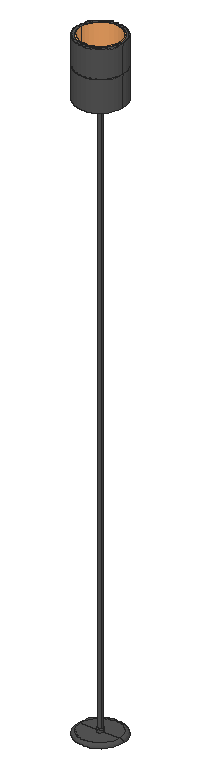
Revit family "MELO CYLINDER PENDANT LIGHT", category Lighting Fixtures, host Face, Revit 2020 (continued)
Types (16): name | Wattage_Input | Wattage Comments | Wattage | Voltage_Input | Size 08 | Size 06 | Size 04 | Selectable Wattage | Photometric Web File | Pendent Rod Length_1 | Pendent | Order number | built-in parameter 1150142 | Model | built-in parameter 1150105 | Lumens | built-in parameter 1150106 | Fixture Diameter | Canopy for Surface Mount J-box | Canopy for Recessed J-Box | Canopy Height | C2 H | C1 H | BEAMING ANGLE
     6.67 6.65\r\n2956.60 2940.86 2933.58 2924.85 2909.77 2891.32 2871.63 2846.45 2809.26 2766.79 2726.27 2687.34 2649.10 2608.51 2566.62 2523.74 2482.26 2438.83 2390.39 2335.68 2270.15 2197.84 2120.13 2038.76 1952.68 1860.20 1761.10 1656.44 1546.68 1423.51 1261.45 1062.26\r\n 855.10 671.31 504.27 382.27 310.08 238.31 202.59 178.09 156.85 140.66 125.53 108.69 89.75 75.88 69.63 67.80 66.22 64.74 63.23 61.65 59.78 57.66 55.57 53.31 51.05 48.78 46.46 44.10 41.77 39.42 37.13 34.85 32.56 30.31 28.12 25.97 23.85 21.77 19.72 17.73 \r\n15.79 13.93 12.10 10.31 8.61 6.93 5.36 3.92 2.70 1.78 1.18 1.24 1.42 1.43 1.15 0.42 0.22 0.13 0.14 0.15 0.15 0.16 0.16 0.18 0.10 0.10 0.10 0.10 0.10 0.11 0.11 0.12 0.12 0.13 0.14 0.33 0.44 0.27 0.17 0.18 0.19 0.20 0.21 0.21 0.22 0.23 0.25 0.25 0.27 0.28 \r\n0.29 0.31 0.33 0.36 0.40 0.43 0.50 0.57 0.66 0.76 0.87 0.99 1.12 1.26 1.41 1.57 1.72 1.88 2.05 2.22 2.39 2.57 2.73 2.91 3.07 3.24 3.39 3.56 3.72 3.88 4.04 4.19 4.36 4.52 4.68 4.84 5.00 5.16 5.32 5.50 5.65 5.79 5.92 6.03 6.14 6.24 6.31 6.38 6.43 6.48 6.51 \r\n6.54 6.57 6.61 6.64 6.67 6.68 6.68 6.65\r\n2956.60 2934.75 2927.76 2914.98 2895.36 2876.20 2852.29 2817.28 2775.57 2736.35 2700.43 2664.33 2627.15 2588.43 2545.46 2503.99 2463.97 2417.48 2363.83 2301.44 2231.77 2156.67 2073.82 1987.79 1897.69 1800.82 1696.48 1581.82 1461.82 1299.33 1106.28 896.25 \r\n702.61 528.77 390.03 298.95 241.26 205.96 180.42 161.91 146.19 130.49 113.00 89.47 75.84 69.38 67.36 65.52 63.96 62.50 61.02 59.56 57.75 55.76 53.64 51.51 49.28 47.07 44.81 42.53 40.26 37.99 35.76 33.55 31.35 29.18 27.04 24.96 22.91 20.90 18.89 17.00 \r\n15.11 13.27 11.44 9.75 8.08 6.51 4.96 3.55 2.34 1.34 0.91 0.95 1.06 0.92 0.47 0.31 0.25 0.18 0.17 0.16 0.15 0.14 0.13 0.12 0.11 0.13 0.16 0.18 0.21 0.23 0.26 0.28 0.31 0.33 0.36 0.38 0.39 0.29 0.28 0.26 0.25 0.24 0.22 0.24 0.27 0.29 0.29 0.29 0.30 0.33 \r\n0.37 0.37 0.38 0.40 0.44 0.45 0.51 0.61 0.72 0.84 0.95 1.07 1.19 1.34 1.49 1.64 1.79 1.95 2.15 2.30 2.46 2.64 2.81 2.97 3.14 3.30 3.45 3.63 3.78 3.95 4.09 4.24 4.41 4.56 4.71 4.87 5.07 5.22 5.39 5.52 5.69 5.80 5.91 6.04 6.13 6.19 6.28 6.35 6.41 6.44 6.48 \r\n6.50 6.54 6.58 6.59 6.62 6.66 6.66 6.65\r\n2956.60 2932.45 2924.20 2910.13 2890.90 2870.49 2839.79 2800.86 2762.71 2725.60 2690.64 2656.64 2621.25 2585.64 2543.80 2504.13 2463.22 2416.82 2362.32 2298.81 2227.68 2151.26 2070.96 1985.24 1892.68 1785.29 1677.48 1551.07 1421.75 1234.81 1028.45 823.81 \r\n636.63 477.45 362.64 296.91 231.54 196.53 172.65 153.09 137.75 123.43 109.72 93.62 76.69 68.87 66.04 64.45 62.99 61.49 59.91 58.26 56.78 55.02 53.07 50.97 48.88 46.75 44.58 42.36 40.18 37.99 35.81 33.64 31.48 29.36 27.26 25.22 23.18 21.19 19.27 17.38 \r\n15.52 13.69 11.93 10.21 8.56 6.93 5.37 3.84 2.45 1.34 0.67 0.63 0.61 0.51 0.29 0.24 0.23 0.14 0.14 0.13 0.13 0.13 0.13 0.12 0.12 0.12 0.12 0.11 0.11 0.11 0.12 0.13 0.14 0.27 0.31 0.30 0.23 0.19 0.21 0.22 0.25 0.25 0.27 0.28 0.29 0.30 0.31 0.33 0.34 0.35 \r\n0.37 0.40 0.41 0.43 0.49 0.55 0.64 0.74 0.86 0.98 1.11 1.24 1.38 1.52 1.68 1.82 1.98 2.14 2.30 2.46 2.61 2.76 2.91 3.07 3.23 3.39 3.55 3.71 3.88 4.04 4.19 4.33 4.48 4.62 4.77 4.92 5.08 5.23 5.40 5.52 5.66 5.79 5.91 6.02 6.12 6.20 6.27 6.34 6.40 6.46 6.50 \r\n6.54 6.58 6.62 6.65 6.66 6.66 6.66 6.65\r\n2956.60 2928.61 2918.62 2903.11 2883.41 2858.54 2821.88 2783.53 2746.49 2712.26 2680.21 2647.61 2612.97 2576.16 2537.81 2499.23 2457.75 2409.46 2351.46 2287.70 2219.35 2145.39 2064.18 1973.77 1878.22 1769.55 1651.22 1524.68 1368.56 1165.53 956.79 753.51 \r\n575.34 432.84 331.65 261.91 219.77 188.22 167.75 151.18 134.65 120.72 106.30 89.50 74.47 67.34 65.48 63.93 62.49 61.05 59.53 57.98 56.39 54.61 52.79 50.79 48.75 46.70 44.62 42.48 40.35 38.23 36.12 34.01 31.89 29.81 27.78 25.73 23.77 21.81 19.86 18.00 \r\n16.12 14.31 12.43 10.55 8.70 6.89 5.21 3.64 2.27 1.18 0.50 0.40 0.40 0.35 0.30 0.27 0.22 0.20 0.17 0.11 0.12 0.14 0.15 0.17 0.18 0.20 0.22 0.23 0.25 0.26 0.28 0.29 0.28 0.25 0.24 0.24 0.23 0.22 0.22 0.21 0.21 0.20 0.22 0.23 0.24 0.25 0.26 0.28 0.29 0.29 \r\n0.32 0.37 0.39 0.45 0.53 0.59 0.67 0.76 0.87 0.97 1.11 1.27 1.41 1.54 1.67 1.82 1.97 2.12 2.27 2.43 2.59 2.76 2.93 3.11 3.27 3.43 3.58 3.74 3.90 4.04 4.19 4.32 4.47 4.62 4.78 4.93 5.08 5.22 5.37 5.48 5.61 5.76 5.82 5.91 6.04 6.10 6.21 6.25 6.35 6.37 6.42 \r\n6.50 6.50 6.56 6.58 6.64 6.65 6.65 6.65\r\n2956.60 2927.12 2916.02 2902.40 2883.18 2858.05 2821.09 2785.21 2750.92 2718.99 2687.27 2655.85 2623.58 2588.57 2550.88 2513.77 2474.12 2426.28 2370.93 2308.52 2239.98 2167.66 2089.97 2004.92 1908.23 1797.02 1679.83 1547.08 1394.31 1187.33 976.55 772.00 \r\n589.62 445.08 340.58 282.65 225.02 193.69 172.86 155.06 140.46 126.20 109.91 91.73 75.04 67.79 65.90 64.32 62.94 61.64 60.31 58.84 57.40 55.37 53.49 51.49 49.56 47.60 45.61 43.55 41.50 39.43 37.36 35.29 33.23 31.15 29.14 27.13 25.15 23.21 21.28 19.26 \r\n17.16 15.08 12.99 10.97 9.04 7.19 5.45 3.81 2.37 1.21 0.63 0.67 0.58 0.30 0.24 0.23 0.23 0.16 0.09 0.09 0.09 0.09 0.11 0.11 0.12 0.13 0.14 0.15 0.16 0.16 0.16 0.16 0.16 0.16 0.15 0.16 0.17 0.18 0.18 0.19 0.20 0.21 0.22 0.23 0.24 0.25 0.26 0.27 0.29 0.33 \r\n0.35 0.38 0.43 0.49 0.55 0.62 0.71 0.80 0.91 1.02 1.15 1.27 1.40 1.54 1.68 1.81 1.97 2.12 2.28 2.45 2.61 2.78 2.94 3.11 3.26 3.42 3.59 3.75 3.89 4.04 4.18 4.32 4.47 4.62 4.76 4.91 5.06 5.20 5.34 5.48 5.59 5.70 5.80 5.89 5.98 6.06 6.14 6.21 6.29 6.36 6.41 \r\n6.46 6.50 6.53 6.57 6.60 6.62 6.62 6.65\r\n2956.60 2924.42 2912.45 2898.26 2880.51 2856.17 2821.30 2786.43 2753.35 2722.74 2691.63 2660.98 2630.09 2595.76 2559.67 2523.82 2484.86 2438.58 2385.04 2325.46 2257.55 2185.23 2105.36 2016.95 1920.14 1812.33 1693.91 1563.64 1411.51 1206.18 996.09 789.58 \r\n607.46 461.34 354.30 281.09 237.19 204.04 181.11 161.10 145.05 129.03 112.83 93.22 76.38 68.61 66.39 64.95 63.66 62.29 60.99 59.54 57.99 55.97 54.09 52.19 50.28 48.41 46.45 44.46 42.45 40.42 38.42 36.39 34.37 32.35 30.37 28.40 26.40 24.33 22.14 20.03 \r\n17.82 15.67 13.46 11.40 9.36 7.43 5.57 3.83 2.34 1.28 1.02 1.34 1.22 0.55 0.29 0.27 0.27 0.21 0.13 0.12 0.10 0.09 0.09 0.09 0.09 0.09 0.09 0.09 0.09 0.09 0.09 0.09 0.09 0.12 0.12 0.14 0.15 0.15 0.16 0.16 0.16 0.17 0.17 0.19 0.21 0.21 0.21 0.23 0.24 0.28 \r\n0.30 0.34 0.37 0.46 0.49 0.59 0.66 0.74 0.84 0.96 1.07 1.19 1.33 1.47 1.61 1.74 1.89 2.05 2.21 2.37 2.53 2.70 2.86 3.04 3.19 3.34 3.49 3.64 3.79 3.93 4.08 4.23 4.39 4.54 4.69 4.84 4.99 5.14 5.28 5.40 5.52 5.66 5.76 5.83 5.90 5.98 6.06 6.13 6.21 6.26 6.33 \r\n6.36 6.42 6.46 6.49 6.54 6.58 6.58 6.65\r\n2956.60 2978.98 2968.29 2953.91 2935.56 2914.43 2880.09 2847.21 2813.08 2781.68 2751.03 2721.45 2690.77 2658.60 2626.31 2592.69 2555.69 2510.83 2460.07 2399.88 2334.89 2264.80 2184.62 2094.04 1997.44 1890.22 1773.31 1641.00 1500.66 1305.07 1094.45 879.02 \r\n688.02 524.60 403.15 314.11 261.55 223.90 197.44 174.17 155.11 137.74 120.39 101.15 81.11 72.57 68.80 67.03 65.57 64.08 62.68 61.16 59.63 57.80 55.80 53.90 52.00 50.13 48.22 46.24 44.26 42.26 40.23 38.21 36.20 34.18 32.18 30.21 28.16 25.98 23.80 21.54 \r\n19.32 17.09 14.91 12.70 10.59 8.51 6.52 4.67 2.91 1.49 1.06 1.57 1.85 1.05 0.35 0.27 0.26 0.19 0.15 0.15 0.11 0.11 0.11 0.10 0.10 0.10 0.10 0.10 0.10 0.10 0.10 0.11 0.14 0.14 0.14 0.14 0.15 0.15 0.17 0.20 0.21 0.23 0.24 0.25 0.26 0.27 0.28 0.31 0.31 0.31 \r\n0.34 0.36 0.40 0.45 0.51 0.59 0.66 0.74 0.80 0.90 1.02 1.11 1.24 1.37 1.50 1.64 1.77 1.92 2.07 2.23 2.39 2.56 2.75 2.90 3.07 3.22 3.40 3.55 3.71 3.86 4.02 4.17 4.33 4.52 4.69 4.84 5.00 5.16 5.32 5.46 5.60 5.73 5.85 5.96 6.06 6.16 6.23 6.32 6.38 6.44 6.50 \r\n6.56 6.64 6.66 6.69 6.71 6.74 6.77 6.65\r\n2956.60 2974.95 2966.72 2953.15 2937.45 2917.05 2889.78 2855.17 2820.67 2788.14 2757.21 2729.39 2700.80 2671.17 2639.66 2609.62 2577.51 2538.27 2493.23 2441.01 2383.15 2315.58 2241.86 2159.59 2068.67 1968.70 1856.62 1732.85 1601.65 1446.95 1246.57 1028.93\r\n 819.51 634.67 482.93 373.17 309.98 247.05 213.37 188.79 165.63 147.02 130.15 113.52 93.88 76.93 69.90 67.86 66.28 64.86 63.48 61.92 60.37 58.81 56.78 54.72 52.75 50.80 48.84 46.82 44.76 42.74 40.63 38.55 36.44 34.39 32.30 30.27 28.25 26.14 23.98 21.77 \r\n19.56 17.32 15.22 13.03 10.97 9.00 7.10 5.33 3.60 2.08 1.08 0.99 1.42 1.32 0.57 0.22 0.21 0.17 0.09 0.08 0.08 0.08 0.09 0.10 0.10 0.11 0.11 0.11 0.13 0.13 0.14 0.14 0.17 0.17 0.17 0.18 0.19 0.20 0.21 0.22 0.22 0.24 0.25 0.26 0.27 0.28 0.28 0.30 0.32 0.34 \r\n0.36 0.40 0.43 0.47 0.52 0.57 0.64 0.71 0.79 0.88 0.98 1.07 1.20 1.31 1.44 1.57 1.71 1.84 1.99 2.13 2.28 2.44 2.61 2.78 2.94 3.11 3.26 3.43 3.59 3.74 3.90 4.05 4.21 4.37 4.53 4.71 4.88 5.04 5.21 5.37 5.51 5.65 5.78 5.89 5.99 6.09 6.18 6.27 6.35 6.42 6.49 \r\n6.54 6.61 6.67 6.71 6.75 6.77 6.80 6.65\r\n2956.60 2970.58 2964.33 2952.90 2936.93 2917.60 2893.76 2862.38 2826.54 2794.20 2763.54 2737.33 2710.65 2682.30 2653.25 2622.02 2591.86 2558.98 2521.09 2474.22 2419.26 2357.44 2287.59 2209.55 2122.76 2026.65 1921.89 1810.04 1683.38 1551.24 1373.70 1161.36\r\n 940.61 739.73 566.07 433.05 331.98 269.66 229.02 199.12 176.88 155.34 138.79 122.29 105.03 85.44 73.12 67.54 65.80 64.26 62.88 61.47 59.99 58.37 56.75 54.60 52.65 50.57 48.56 46.50 44.42 42.34 40.18 38.02 35.90 33.76 31.64 29.56 27.49 25.45 23.46 21.37 \r\n19.26 17.14 15.04 12.99 11.00 9.07 7.21 5.49 3.93 2.54 1.43 0.83 0.88 0.96 0.50 0.30 0.26 0.22 0.15 0.10 0.09 0.09 0.09 0.09 0.14 0.28 0.35 0.36 0.36 0.36 0.33 0.29 0.26 0.22 0.20 0.19 0.19 0.20 0.20 0.20 0.21 0.21 0.21 0.22 0.22 0.22 0.23 0.24 0.28 0.29 \r\n0.33 0.36 0.39 0.43 0.47 0.51 0.58 0.65 0.70 0.77 0.87 0.96 1.10 1.18 1.30 1.43 1.56 1.70 1.84 2.00 2.15 2.30 2.45 2.62 2.78 2.95 3.11 3.27 3.45 3.63 3.78 3.94 4.08 4.24 4.37 4.51 4.69 4.85 5.02 5.22 5.35 5.49 5.61 5.74 5.84 5.95 6.03 6.13 6.25 6.32 6.38 \r\n6.44 6.51 6.57 6.63 6.66 6.71 6.73 6.65\r\n2956.60 2968.88 2967.38 2958.95 2946.37 2927.31 2907.41 2885.35 2851.75 2816.56 2786.09 2758.29 2731.05 2704.33 2679.60 2653.04 2622.57 2588.58 2554.73 2514.66 2466.30 2411.04 2349.42 2278.74 2199.77 2113.43 2018.21 1913.28 1800.43 1669.93 1535.14 1362.88\r\n 1152.20 930.71 736.35 562.09 427.32 328.39 275.31 222.48 194.40 171.02 151.58 134.96 120.75 104.49 86.60 72.54 66.40 64.65 63.03 61.41 59.77 58.17 56.55 54.82 52.92 50.87 48.74 46.63 44.48 42.33 40.11 37.94 35.72 33.57 31.38 29.24 27.14 25.05 23.01 20.99\r\n 19.05 17.12 15.30 13.44 11.62 9.85 8.10 6.50 5.01 3.65 2.55 1.70 1.24 1.18 1.08 0.75 0.20 0.14 0.11 0.08 0.08 0.08 0.08 0.09 0.10 0.10 0.10 0.11 0.12 0.12 0.13 0.28 0.51 0.46 0.46 0.38 0.36 0.29 0.29 0.26 0.26 0.26 0.26 0.27 0.28 0.28 0.28 0.30 0.31 0.32\r\n 0.33 0.33 0.35 0.37 0.41 0.46 0.51 0.57 0.64 0.72 0.81 0.91 1.02 1.15 1.27 1.42 1.55 1.67 1.78 1.92 2.03 2.17 2.33 2.48 2.64 2.80 2.96 3.12 3.27 3.42 3.58 3.73 3.87 4.03 4.17 4.37 4.58 4.75 4.92 5.09 5.22 5.37 5.52 5.66 5.79 5.90 6.01 6.11 6.20 6.29 6.37\r\n 6.46 6.52 6.59 6.65 6.71 6.75 6.78 6.65\r\n2956.60 2967.31 2970.26 2966.11 2956.02 2938.18 2917.96 2898.18 2876.06 2846.95 2812.14 2783.69 2754.40 2727.69 2701.17 2674.18 2646.96 2610.77 2571.66 2533.54 2490.24 2442.75 2386.20 2319.21 2247.77 2171.04 2082.88 1984.98 1874.72 1758.24 1625.52 1485.06\r\n 1310.91 1096.91 881.95 684.86 514.92 389.56 300.74 244.35 209.01 182.08 161.81 143.55 125.31 105.73 85.57 72.37 67.02 64.99 63.22 61.49 59.96 58.37 56.82 55.02 53.04 50.88 48.75 46.51 44.26 42.03 39.75 37.46 35.21 32.95 30.74 28.58 26.43 24.33 22.29 \r\n20.29 18.40 16.55 14.79 13.10 11.47 9.90 8.41 7.00 5.67 4.41 3.33 2.44 2.06 2.04 1.97 1.62 0.87 0.25 0.14 0.14 0.14 0.16 0.31 0.20 0.10 0.10 0.10 0.10 0.10 0.10 0.10 0.10 0.10 0.14 0.49 0.67 0.66 0.63 0.56 0.50 0.46 0.42 0.39 0.37 0.34 0.33 0.32 0.32 0.32\r\n 0.33 0.34 0.35 0.37 0.38 0.39 0.39 0.45 0.49 0.54 0.62 0.74 0.81 0.90 1.02 1.14 1.26 1.40 1.52 1.65 1.78 1.92 2.06 2.21 2.37 2.51 2.63 2.77 2.93 3.11 3.26 3.41 3.56 3.74 3.87 4.03 4.19 4.36 4.54 4.71 4.90 5.07 5.24 5.41 5.55 5.69 5.82 5.93 6.04 6.12 6.22\r\n 6.30 6.38 6.44 6.51 6.57 6.63 6.70 6.72 6.65\r\n2956.60 2965.46 2973.30 2976.11 2970.38 2957.95 2938.38 2918.52 2895.87 2873.46 2849.76 2818.85 2786.58 2756.77 2728.41 2701.92 2673.68 2643.05 2609.21 2570.01 2529.11 2486.72 2437.51 2379.40 2312.80 2239.78 2161.06 2074.83 1976.07 1868.38 1744.52 1603.89\r\n 1418.10 1176.86 935.23 708.60 527.90 396.33 318.16 274.22 230.44 203.14 180.28 158.62 133.62 103.20 82.49 72.78 68.83 66.15 64.25 62.70 61.31 59.86 58.17 56.14 53.97 51.76 49.50 47.21 44.86 42.58 40.20 37.87 35.54 33.29 31.01 28.80 26.61 24.50 22.50 \r\n20.59 18.74 16.91 15.21 13.50 11.89 10.38 8.89 7.53 6.24 5.04 4.01 3.15 2.78 2.78 2.75 2.53 1.85 0.83 0.17 0.13 0.16 0.22 0.41 0.35 0.29 0.23 0.17 0.11 0.11 0.11 0.12 0.13 0.13 0.14 0.15 0.25 0.59 0.77 0.72 0.69 0.59 0.54 0.52 0.43 0.39 0.39 0.38 0.37 \r\n0.36 0.35 0.34 0.33 0.33 0.33 0.35 0.38 0.41 0.45 0.50 0.56 0.62 0.71 0.79 0.88 1.00 1.10 1.22 1.36 1.49 1.63 1.76 1.91 2.05 2.20 2.35 2.51 2.65 2.81 2.97 3.12 3.28 3.44 3.60 3.75 3.91 4.08 4.25 4.44 4.61 4.81 5.00 5.18 5.35 5.51 5.65 5.79 5.92 6.02 6.13 \r\n6.23 6.31 6.38 6.44 6.50 6.56 6.62 6.67 6.70 6.65\r\n2956.60 2965.06 2977.57 2984.73 2983.33 2974.47 2956.45 2936.44 2914.78 2891.77 2867.78 2842.66 2818.29 2786.95 2754.01 2725.13 2696.36 2665.18 2632.80 2596.74 2558.35 2516.37 2469.10 2415.45 2351.90 2279.58 2202.79 2120.87 2030.89 1930.44 1818.30 1689.90\r\n 1537.63 1335.79 1084.80 841.21 630.37 469.42 357.47 289.03 245.26 212.53 185.12 162.25 137.53 112.80 86.66 74.08 69.50 67.38 65.58 63.94 62.45 60.79 59.08 57.06 54.82 52.58 50.27 47.91 45.54 43.19 40.79 38.41 36.07 33.74 31.44 29.20 27.00 24.92 22.92 \r\n20.95 19.06 17.23 15.48 13.82 12.23 10.71 9.28 7.94 6.68 5.53 4.55 3.75 3.39 3.40 3.43 3.26 2.44 1.25 0.34 0.15 0.14 0.19 0.38 0.65 0.12 0.12 0.12 0.12 0.12 0.13 0.13 0.13 0.13 0.13 0.13 0.14 0.48 0.82 0.87 0.80 0.73 0.67 0.60 0.55 0.50 0.44 0.41 0.37 \r\n0.36 0.35 0.33 0.32 0.33 0.32 0.32 0.32 0.39 0.39 0.43 0.53 0.56 0.65 0.71 0.83 0.90 1.02 1.14 1.27 1.41 1.56 1.66 1.80 1.95 2.10 2.25 2.40 2.56 2.70 2.85 3.00 3.15 3.34 3.48 3.64 3.79 3.96 4.12 4.28 4.46 4.67 4.85 5.03 5.22 5.39 5.56 5.69 5.82 5.93 6.04 \r\n6.11 6.19 6.26 6.34 6.42 6.47 6.53 6.58 6.65 6.65\r\n" | "MELO04R-SP30801-10D-60-GD-BK" | 206.9 (stored number, unit not read) | 2600 lm | 2.069 (stored number, unit not read) | 0' - 3 115/128" | no | yes | 0' - 0 1/2" | 0' - 2.3" | 0' - 2.6" | 60.00°
